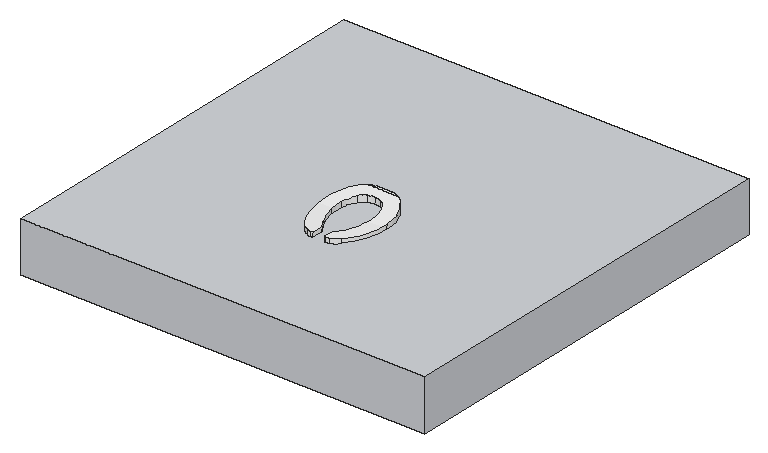
Revit family
Parameters (values of type "Plastic-0-White")
  Width = 1' - 3 1/8"
  URL = "http://www.us.kohler.com"
  Product Page URL = "http://www.us.kohler.com/onlinecatalog/detail.jsp?prod_num=4670-C"
  Product Documentation Link = "http://www.us.kohler.com/onlinecatalog/pdf/115726_4.pdf"
  Model = "K-4670-C"  # constant formula
  Manufacturer = "Kohler"  # constant formula
  Length = 1' - 7 5/8"
  Height = 0' - 2"
  Finish = Plastic-Kohler-0-White
  Description = "Lustra™ standard elongated toilet seat"  # constant formula
  Default Elevation = 0' - 0"
  Created By = "http://www.medialab3dstudio.com"
  Assembly Code = "D2010900"
Types (4): name | Finish
  (no name) | Plastic-Kohler-0-White
  Plastic-0-White | Plastic-Kohler-0-White
  Plastic-47-Almond | Plastic-Kohler-47-Almond
  Plastic-96-Biscuit | Plastic-Kohler-96-Biscuit
Reference planes (in)
  plane 1 "Back": y = 0
  plane 2 "Bottom": z = 0
  plane 3 "Center (Left/Right)": x = 0
  plane 4 "Left": x = -7.5625
  plane 5 "Right": x = 7.5625
  plane 6 "Front": y = -19.625
  plane 7 "Top": z = 2
Forms (in)
  Extrusion 1, solid
    sketch origin (0, 0, 0) x (1, 0, 0) y (0, 1, 0)
      loop
        line (-48, 48) -> (-48, -48) -> (48, -48) -> (48, 48) -> (-48, 48)
    from 0 to -12
  Extrusion 2, solid, material "Plastic-Kohler-0-White" <- "Finish", detail levels fine
    sketch origin (0, 0, 0) x (1, 0, 0) y (0, 1, 0)
      loop
        arc (-4.40063, -18.11461) -> (-3.61108, -18.92725) -> (-2.65205, -19.53058) r 4.76676
        arc (-2.65205, -19.53058) -> (-2.21198, -19.60361) -> (-1.7664, -19.625) r 3.83196
        arc (-1.7664, -19.625) -> (-1.54311, -19.55761) -> (-1.39073, -19.38104) r 0.41786
        arc (-1.39073, -19.38104) -> (-1.27823, -18.14663) -> (-1.29928, -16.90728) r 11.49739
        arc (-1.29928, -16.90728) -> (-3.02589, -13.97487) -> (-4.04977, -10.72957) r 15.05426
        arc (-4.04977, -10.72957) -> (-4.24119, -9.17289) -> (-4.21354, -7.60473) r 11.21306
        arc (-4.21354, -7.60473) -> (-3.8312, -5.88158) -> (-3.01647, -4.3158) r 6.7706
        arc (-3.01647, -4.3158) -> (-2.41761, -3.67338) -> (-1.66472, -3.22118) r 3.15122
        arc (-1.66472, -3.22118) -> (-0.84937, -2.96986) -> (0, -2.88905) r 4.18672
        arc (0, -2.88905) -> (0.84937, -2.96986) -> (1.66472, -3.22118) r 4.18672
        arc (1.66472, -3.22118) -> (2.41761, -3.67338) -> (3.01647, -4.3158) r 3.15122
        arc (3.01647, -4.3158) -> (3.8312, -5.88158) -> (4.21354, -7.60473) r 6.7706
        arc (4.21354, -7.60473) -> (4.24119, -9.17289) -> (4.04977, -10.72957) r 11.21306
        arc (4.04977, -10.72957) -> (3.02589, -13.97487) -> (1.29928, -16.90728) r 15.05426
        arc (1.29928, -16.90728) -> (1.27823, -18.14663) -> (1.39073, -19.38104) r 11.49739
        arc (1.39073, -19.38104) -> (1.54311, -19.55761) -> (1.7664, -19.625) r 0.41786
        arc (1.7664, -19.625) -> (2.21198, -19.60361) -> (2.65205, -19.53058) r 3.83196
        arc (2.65205, -19.53058) -> (3.61108, -18.92725) -> (4.40063, -18.11461) r 4.76676
        arc (4.40063, -18.11461) -> (6.75761, -13.67646) -> (7.5625, -8.71615) r 15.42076
        arc (7.5625, -8.71615) -> (6.79673, -4.32719) -> (4.04749, -0.82132) r 9.14228
        arc (4.04749, -0.82132) -> (2.98765, -0.27202) -> (1.80183, -0.13475) r 3.30729
        line (1.80183, -0.13475) -> (1.79289, 0) -> (-1.79289, 0) -> (-1.80183, -0.13475)
        arc (-1.80183, -0.13475) -> (-2.98765, -0.27202) -> (-4.04749, -0.82132) r 3.30729
        arc (-4.04749, -0.82132) -> (-6.79673, -4.32719) -> (-7.5625, -8.71615) r 9.14228
        arc (-7.5625, -8.71615) -> (-6.75761, -13.67646) -> (-4.40063, -18.11461) r 15.42076
    from 0 to 2
  Extrusion 3, void
    sketch origin (0, 0, 0) x (0, 1, 0) y (0, 0, 1)
      loop
        arc (-20.26329, 1.04577) -> (-10.09937, 0.91824) -> (0, 2.06904) r 80.72242
        line (0, 2.06904) -> (0, 2.65154) -> (-20.26329, 2.65154) -> (-20.26329, 1.04577)
    from -8.46548 to 8.25336
  Extrusion 4, void
    sketch origin (0, 0, 0) x (0, 1, 0) y (0, 0, 1)
      loop
        arc (-0.94079, 0.7489) -> (-3.49923, 0.12207) -> (-6.12615, -0.07238) r 15.84994
        line (-6.12615, -0.07238) -> (-6.12615, -0.57238) -> (-0.94079, -0.57238) -> (-0.94079, 0.7489)
    from -7.5625 to 7.5625
  Extrusion 5, solid, material "Plastic-Kohler-0-White" <- "Finish", detail levels coarse+medium
    sketch origin (0, 0, 0) x (1, 0, 0) y (0, 1, 0)
      loop
        line (-7.5625, 0) -> (-7.5625, -19.625) -> (7.5625, -19.625) -> (7.5625, 0) -> (-7.5625, 0)
    from 0 to 2
Cuts and joins
  Extrusion 3, Extrusion 4 cuts Extrusion 2
Lines and regions (in)
  Masking region 1, detail levels coarse
    outline origin (0, 0, 0) x (1, 0, 0) y (0, 1, 0)
      loop
        line (-7.5625, 0) -> (-7.5625, -19.625) -> (7.5625, -19.625) -> (7.5625, 0) -> (-7.5625, 0)
  Masking region 2, detail levels medium+fine
    outline origin (0, 0, 0) x (1, 0, 0) y (0, 1, 0)
      loop
        arc (-2.09621, -19.61974) -> (-1.7253, -19.56339) -> (-1.39211, -19.39096) r 1.15316
        arc (-1.39211, -19.39096) -> (-1.26431, -18.15265) -> (-1.29928, -16.90825) r 9.51491
        arc (-1.29928, -16.90825) -> (-1.39647, -16.72671) -> (-1.51703, -16.55977) r 1.53837
        arc (-1.51703, -16.55977) -> (-3.65483, -12.31779) -> (-4.21357, -7.60055) r 13.68354
        arc (-4.21357, -7.60055) -> (-3.78343, -5.87678) -> (-3.0361, -4.26498) r 9.38393
        arc (-3.0361, -4.26498) -> (-2.44107, -3.67342) -> (-1.72293, -3.23952) r 3.51944
        arc (-1.72293, -3.23952) -> (-0.88115, -2.96604) -> (0, -2.88267) r 4.0352
        arc (0, -2.88267) -> (0.88115, -2.96604) -> (1.72293, -3.23952) r 4.0352
        arc (1.72293, -3.23952) -> (2.44107, -3.67342) -> (3.0361, -4.26498) r 3.51944
        arc (3.0361, -4.26498) -> (3.78343, -5.87678) -> (4.21357, -7.60055) r 9.38393
        arc (4.21357, -7.60055) -> (3.65483, -12.31779) -> (1.51703, -16.55977) r 13.68354
        arc (1.51703, -16.55977) -> (1.39647, -16.72671) -> (1.29928, -16.90825) r 1.53837
        arc (1.29928, -16.90825) -> (1.26431, -18.15265) -> (1.39211, -19.39096) r 9.51491
        arc (1.39211, -19.39096) -> (1.7253, -19.56339) -> (2.09621, -19.61974) r 1.15316
        arc (2.09621, -19.61974) -> (2.81076, -19.48592) -> (3.43793, -19.11832) r 2.11755
        arc (3.43793, -19.11832) -> (6.52996, -14.32563) -> (7.5625, -8.71632) r 14.68324
        arc (7.5625, -8.71632) -> (6.7788, -4.33518) -> (4.04738, -0.82122) r 9.29083
        arc (4.04738, -0.82122) -> (3.30308, -0.38031) -> (2.46889, -0.15119) r 3.25272
        arc (2.46889, -0.15119) -> (2.21269, -0.04066) -> (1.95302, -0.1428) r 0.36603
        line (1.95302, -0.1428) -> (1.77971, -0.1428) -> (1.77971, 0) -> (-1.79351, 0) -> (-1.79351, -0.1428) -> (-1.95302, -0.1428)
        arc (-1.95302, -0.1428) -> (-2.21269, -0.04066) -> (-2.46889, -0.15119) r 0.36603
        arc (-2.46889, -0.15119) -> (-3.30308, -0.38031) -> (-4.04738, -0.82122) r 3.25272
        arc (-4.04738, -0.82122) -> (-6.7788, -4.33518) -> (-7.5625, -8.71632) r 9.29083
        arc (-7.5625, -8.71632) -> (-6.52996, -14.32563) -> (-3.43793, -19.11832) r 14.68324
        arc (-3.43793, -19.11832) -> (-2.81076, -19.48592) -> (-2.09621, -19.61974) r 2.11755
  Masking region 3, detail levels coarse
    outline origin (0, 0, 0) x (1, 0, 0) y (0, 0, 1)
      loop
        line (-7.5625, 2) -> (-7.5625, 0) -> (7.5625, 0) -> (7.5625, 2) -> (-7.5625, 2)
  Masking region 4, detail levels medium+fine
    outline origin (0, 0, 0) x (1, 0, 0) y (0, 0, 1)
      loop
        line (-7.5625, 0) -> (-2.14949, 0)
        arc (-2.14949, 0) -> (-1.7367, 0.01494) -> (-1.32606, 0.05968) r 5.71072
        arc (-1.32606, 0.05968) -> (-1.29861, 0.06921) -> (-1.27662, 0.08822) r 0.07717
        line (-1.27662, 0.08822) -> (-1.27662, 0.21659)
        arc (-1.27662, 0.21659) -> (-0.63853, 0.24086) -> (0, 0.24508) r 20.33156
        arc (0, 0.24508) -> (0.63853, 0.24086) -> (1.27662, 0.21659) r 20.33156
        line (1.27662, 0.21659) -> (1.27662, 0.08822)
        arc (1.27662, 0.08822) -> (1.29861, 0.06921) -> (1.32606, 0.05968) r 0.07717
        arc (1.32606, 0.05968) -> (1.7367, 0.01494) -> (2.14949, 0) r 5.71072
        line (2.14949, 0) -> (7.5625, 0) -> (7.5625, 1.01293)
        arc (7.5625, 1.01293) -> (6.72847, 1.1558) -> (5.90166, 1.33577) r 18.94105
        arc (5.90166, 1.33577) -> (4.50449, 1.6892) -> (3.08638, 1.94609) r 21.0255
        arc (3.08638, 1.94609) -> (2.34339, 1.99884) -> (1.59852, 2) r 10.74767
        line (1.59852, 2) -> (0, 2) -> (-1.59852, 2)
        arc (-1.59852, 2) -> (-2.34339, 1.99884) -> (-3.08638, 1.94609) r 10.74767
        arc (-3.08638, 1.94609) -> (-4.50449, 1.6892) -> (-5.90166, 1.33577) r 21.0255
        arc (-5.90166, 1.33577) -> (-6.72847, 1.1558) -> (-7.5625, 1.01293) r 18.94105
        line (-7.5625, 1.01293) -> (-7.5625, 0)
  Masking region 5, detail levels coarse
    outline origin (0, 0, 0) x (0, 1, 0) y (0, 0, 1)
      loop
        line (0, 2) -> (-19.625, 2) -> (-19.625, 0) -> (0, 0) -> (0, 2)
  Masking region 6, detail levels medium+fine
    outline origin (0, 0, 0) x (0, 1, 0) y (0, 0, 1)
      loop
        line (0.001, 0.46648) -> (-0.33502, 1.97684)
        arc (-0.33502, 1.97684) -> (-0.3656, 1.99654) -> (-0.40181, 2) r 0.07694
        arc (-0.40181, 2) -> (-3.00308, 1.33771) -> (-5.674, 1.07037) r 17.96649
        arc (-5.674, 1.07037) -> (-9.5535, 1.00615) -> (-13.43039, 0.85015) r 163.96108
        arc (-13.43039, 0.85015) -> (-16.24625, 0.75986) -> (-19.05794, 0.93755) r 29.61537
        line (-19.05794, 0.93755) -> (-19.54586, 1.00613)
        arc (-19.54586, 1.00613) -> (-19.59568, 0.99463) -> (-19.625, 0.95275) r 0.07133
        line (-19.625, 0.95275) -> (-19.625, 0.24305)
        arc (-19.625, 0.24305) -> (-19.5735, 0.1979) -> (-19.50581, 0.18747) r 0.12246
        arc (-19.50581, 0.18747) -> (-17.98413, 0.08824) -> (-16.46068, 0.02138) r 71.742
        arc (-16.46068, 0.02138) -> (-10.66872, -0.00023) -> (-4.87676, 0.02138) r 776.29557
        arc (-4.87676, 0.02138) -> (-2.86625, 0.20311) -> (-0.92395, 0.75328) r 10.87563
        line (-0.92395, 0.75328) -> (-0.79218, 0.22479)
        arc (-0.79218, 0.22479) -> (-0.81359, 0.11333) -> (-0.81978, 0) r 0.84068
        line (-0.81978, 0) -> (-0.03819, 0)
        arc (-0.03819, 0) -> (-0.05428, 0.22116) -> (-0.09978, 0.4382) r 1.65604
        line (-0.09978, 0.4382) -> (0.001, 0.46648)
  symbolic lines, style "Masking Lines", detail levels fine
    curve 1: line (-2.46889, -0.15119, 0) -> (-1.95302, -0.1428, 0)
    curve 2: line (2.46889, -0.15119, 0) -> (1.95302, -0.1428, 0)
    curve 3: arc (-7.5625, -19.625, 1.00819) -> (-6.8657, -19.625, 0.87539) -> (-6.16197, -19.625, 0.78637) r 11.35458
    curve 4: arc (-6.16197, -19.625, 0.78637) -> (-5.26087, -19.625, 0.77105) -> (-4.36164, -19.625, 0.8311) r 10.77383
    curve 5: arc (-4.36164, -19.625, 0.8311) -> (-3.50523, -19.625, 0.92824) -> (-2.64634, -19.625, 1.00016) r 29.29757
    curve 6: line (-2.64634, -19.625, 1.00016) -> (-2.09562, -19.625, 1.00016)
    curve 7: arc (-2.09562, -19.625, 1.00016) -> (-1.81181, -19.625, 0.98194) -> (-1.53266, -19.625, 0.92757) r 2.21954
    curve 8: arc (-1.53266, -19.625, 0.92757) -> (-1.34774, -19.625, 0.80356) -> (-1.2795, -19.625, 0.59162) r 0.33931
    curve 9: line (-1.2795, -19.625, 0.59162) -> (-1.2795, -19.625, 0.21731)
    curve 10: arc (-1.62955, -19.625, 0.95067) -> (-0.01368, -19.625, 1.03064) -> (1.60188, -19.625, 0.94454) r 15.76204
    curve 11: arc (7.5625, -19.625, 1.00819) -> (6.8657, -19.625, 0.87539) -> (6.16197, -19.625, 0.78637) r 11.35458
    curve 12: arc (6.16197, -19.625, 0.78637) -> (5.26087, -19.625, 0.77105) -> (4.36164, -19.625, 0.8311) r 10.77383
    curve 13: arc (4.36164, -19.625, 0.8311) -> (3.50523, -19.625, 0.92824) -> (2.64634, -19.625, 1.00016) r 29.29757
    curve 14: line (2.64634, -19.625, 1.00016) -> (2.09562, -19.625, 1.00016)
    curve 15: arc (2.09562, -19.625, 1.00016) -> (1.81181, -19.625, 0.98194) -> (1.53266, -19.625, 0.92757) r 2.21954
    curve 16: arc (1.53266, -19.625, 0.92757) -> (1.34774, -19.625, 0.80356) -> (1.2795, -19.625, 0.59162) r 0.33931
    curve 17: line (1.2795, -19.625, 0.59162) -> (1.2795, -19.625, 0.21731)
    curve 18: arc (0, -0.14305, 1.11526) -> (0, -4.75597, 0.17796) -> (0, -9.45979, 0) r 28.97322
    curve 19: arc (0, -0.79037, 0.2319) -> (0, -0.71641, 0.47077) -> (0, -0.65255, 0.71253) r 5.94902
    curve 20: arc (0, -0.65255, 0.71253) -> (0, -0.54849, 0.84906) -> (0, -0.38649, 0.90583) r 0.29892
    curve 21: arc (0, -0.38649, 0.90583) -> (0, -0.26268, 0.8699) -> (0, -0.18657, 0.76585) r 0.19988
    curve 22: arc (0, -0.18657, 0.76585) -> (0, -0.15239, 0.59955) -> (0, -0.10449, 0.43667) r 2.03908
    curve 23: line (1.27662, 0, 0.21659) -> (7.5625, 0, 0)
    curve 24: line (-1.27662, 0, 0.21659) -> (-7.58712, 0, 0)
Dimensions and locks (in)
  equal spacing: plane 4 "Left", plane 3 "Center (Left/Right)", plane 5 "Right"
  "Width": plane 4 "Left" to plane 5 "Right"
  "Length": plane 1 "Back" to plane 6 "Front"
  "Height": plane 7 "Top" to plane 2 "Bottom"
  aligned and locked: plane 2 "Bottom" to Extrusion 1
  aligned and locked: level to Extrusion 1
  aligned and locked: Extrusion 5 to plane 2 "Bottom"
  aligned and locked: Extrusion 5 to plane 7 "Top"
Automatic sketch dimensions
  Extrusion 1 sketch curve to Extrusion 1 sketch curve = 8' - 0"  (x2)
  Extrusion 2 sketch curve to plane 4 "Left" = 0' - 0"
  plane 1 "Back" to Extrusion 2 sketch curve = 0' - 0"
  Extrusion 2 sketch curve to plane 6 "Front" = 0' - 0"  (x4)
  Extrusion 2 sketch curve to plane 3 "Center (Left/Right)" = 0' - 0"
  Extrusion 2 sketch curve to plane 5 "Right" = 0' - 0"
  Extrusion 2 sketch curve to plane 4 "Left" = 0' - 0.2957"
  Extrusion 2 sketch curve to Extrusion 2 sketch curve = 0' - 2.86865"  (x2)
  plane 6 "Front" to Extrusion 2 sketch curve = 0' - 1.90314"
  Extrusion 2 sketch curve to plane 4 "Left" = 0' - 5.20528"
  plane 4 "Left" to Extrusion 2 sketch curve = 0' - 0.606"
  plane 6 "Front" to Extrusion 2 sketch curve = 0' - 1.51039"  (x2)
  Extrusion 2 sketch curve to plane 3 "Center (Left/Right)" = 0' - 4.40063"
  Extrusion 2 sketch curve to Extrusion 2 sketch curve = 0' - 0"  (x11)
  Extrusion 2 sketch curve to Extrusion 2 sketch curve = 0' - 2.74296"
  Extrusion 2 sketch curve to Extrusion 2 sketch curve = 0' - 0.16377"
  plane 1 "Back" to Extrusion 2 sketch curve = 0' - 0.82132"  (x2)
  plane 4 "Left" to Extrusion 2 sketch curve = 0' - 3.51501"
  Extrusion 2 sketch curve to plane 3 "Center (Left/Right)" = 0' - 3.01647"
  plane 6 "Front" to Extrusion 2 sketch curve = 0' - 0.09442"  (x2)
  Extrusion 2 sketch curve to Extrusion 2 sketch curve = 0' - 1.74858"  (x2)
  Extrusion 2 sketch curve to Extrusion 2 sketch curve = 0' - 1.68245"  (x2)
  Extrusion 2 sketch curve to Extrusion 2 sketch curve = 0' - 0.99578"  (x2)
  Extrusion 2 sketch curve to plane 3 "Center (Left/Right)" = 0' - 1.80577"
  plane 1 "Back" to Extrusion 2 sketch curve = 0' - 0.13475"  (x2)
  Extrusion 2 sketch curve to plane 3 "Center (Left/Right)" = 0' - 1.80183"
  Extrusion 2 sketch curve to Extrusion 2 sketch curve = 0' - 0.00894"  (x2)
  plane 6 "Front" to Extrusion 2 sketch curve = 0' - 0.41783"  (x2)
  Extrusion 2 sketch curve to Extrusion 2 sketch curve = 0' - 0.88136"
  Extrusion 2 sketch curve to Extrusion 2 sketch curve = 0' - 0.35597"  (x2)
  Extrusion 2 sketch curve to Extrusion 2 sketch curve = 0' - 0.97592"  (x2)
  plane 6 "Front" to Extrusion 2 sketch curve = 0' - 0.24396"  (x2)
  Extrusion 2 sketch curve to Extrusion 2 sketch curve = 0' - 0.5065"  (x2)
  Extrusion 2 sketch curve to plane 3 "Center (Left/Right)" = 0' - 0.61127"
  Extrusion 2 sketch curve to plane 3 "Center (Left/Right)" = 0' - 0.43448"
  Extrusion 2 sketch curve to plane 3 "Center (Left/Right)" = 0' - 0.03023"
  plane 3 "Center (Left/Right)" to Extrusion 2 sketch curve = 0' - 0.03023"
  plane 3 "Center (Left/Right)" to Extrusion 2 sketch curve = 0' - 0.43448"
  plane 3 "Center (Left/Right)" to Extrusion 2 sketch curve = 0' - 0.61127"
  plane 3 "Center (Left/Right)" to Extrusion 2 sketch curve = 0' - 1.29928"
  plane 3 "Center (Left/Right)" to Extrusion 2 sketch curve = 0' - 1.39073"
  Extrusion 2 sketch curve to Extrusion 2 sketch curve = 0' - 1.52494"
  plane 3 "Center (Left/Right)" to Extrusion 2 sketch curve = 0' - 1.66472"
  Extrusion 2 sketch curve to Extrusion 2 sketch curve = 0' - 0.37567"
  plane 3 "Center (Left/Right)" to Extrusion 2 sketch curve = 0' - 1.79289"
  Extrusion 2 sketch curve to Extrusion 2 sketch curve = 0' - 2.24567"
  Extrusion 2 sketch curve to Extrusion 2 sketch curve = 0' - 1.51868"
  Extrusion 2 sketch curve to plane 5 "Right" = 0' - 0.606"
  plane 5 "Right" to Extrusion 2 sketch curve = 0' - 5.20528"
  Extrusion 2 sketch curve to Extrusion 2 sketch curve = 0' - 0.39276"
  Extrusion 2 sketch curve to Extrusion 2 sketch curve = 0' - 2.68388"
  plane 1 "Back" to Extrusion 3 sketch curve = 0' - 0"
  plane 6 "Front" to Extrusion 3 sketch curve = 0' - 5.45442"
  Extrusion 3 sketch curve to plane 6 "Front" = 0' - 0.63829"
  plane 7 "Top" to Extrusion 3 sketch curve = 0' - 0.95423"
  Extrusion 3 sketch curve to plane 7 "Top" = 0' - 0.06904"
  Extrusion 3 sketch curve to plane 7 "Top" = 0' - 0.65154"
  Extrusion 4 sketch curve to level = 0' - 0.57238"
  plane 1 "Back" to Extrusion 4 sketch curve = 0' - 6.12615"
  plane 1 "Back" to Extrusion 4 sketch curve = 0' - 5.97871"
  plane 1 "Back" to Extrusion 4 sketch curve = 0' - 0.94079"
  Extrusion 4 sketch curve to level = 0' - 0.07238"
  level to Extrusion 4 sketch curve = 0' - 0.7489"
  Masking region 1 sketch curve to plane 4 "Left" = 0' - 0"
  Masking region 1 sketch curve to plane 5 "Right" = 0' - 0"
  Masking region 1 sketch curve to plane 6 "Front" = 0' - 0"
  plane 1 "Back" to Masking region 1 sketch curve = 0' - 0"
  Masking region 2 sketch curve to plane 4 "Left" = 0' - 0"
  plane 1 "Back" to Masking region 2 sketch curve = 0' - 0"
  Masking region 2 sketch curve to plane 3 "Center (Left/Right)" = 0' - 0"
  Masking region 2 sketch curve to plane 5 "Right" = 0' - 0"
  Masking region 2 sketch curve to plane 4 "Left" = 0' - 1.88558"
  plane 6 "Front" to Masking region 2 sketch curve = 0' - 1.82788"  (x2)
  Masking region 2 sketch curve to plane 4 "Left" = 0' - 3.21008"
  plane 4 "Left" to Masking region 2 sketch curve = 0' - 0.44309"
  Masking region 2 sketch curve to Masking region 2 sketch curve = 0' - 2.05406"
  Masking region 2 sketch curve to Masking region 2 sketch curve = 0' - 0.85178"  (x2)
  plane 1 "Back" to Masking region 2 sketch curve = 0' - 0.82122"
  plane 4 "Left" to Masking region 2 sketch curve = 0' - 3.51512"
  Masking region 2 sketch curve to Masking region 2 sketch curve = 0' - 0"  (x6)
  plane 6 "Front" to Masking region 2 sketch curve = 0' - 0.50668"  (x2)
  Masking region 2 sketch curve to plane 3 "Center (Left/Right)" = 0' - 3.43793"
  Masking region 2 sketch curve to plane 3 "Center (Left/Right)" = 0' - 3.0361"
  Masking region 2 sketch curve to Masking region 2 sketch curve = 0' - 0.73686"
  plane 1 "Back" to Masking region 2 sketch curve = 0' - 0.15119"  (x2)
  Masking region 2 sketch curve to Masking region 2 sketch curve = 0' - 1.57849"  (x2)
  Masking region 2 sketch curve to Masking region 2 sketch curve = 0' - 0.26216"  (x2)
  plane 6 "Front" to Masking region 2 sketch curve = 0' - 0.00526"  (x2)
  Masking region 2 sketch curve to Masking region 2 sketch curve = 0' - 1.34172"
  Masking region 2 sketch curve to Masking region 2 sketch curve = 0' - 0.61942"
  Masking region 2 sketch curve to Masking region 2 sketch curve = 0' - 0.6316"  (x2)
  Masking region 2 sketch curve to Masking region 2 sketch curve = 0' - 1.00396"  (x2)
  plane 1 "Back" to Masking region 2 sketch curve = 0' - 0.1428"
  Masking region 2 sketch curve to Masking region 2 sketch curve = 0' - 0.25371"  (x2)
  Masking region 2 sketch curve to Masking region 2 sketch curve = 0' - 0.15952"
  Masking region 2 sketch curve to Masking region 2 sketch curve = 0' - 0.30921"  (x2)
  Masking region 2 sketch curve to plane 3 "Center (Left/Right)" = 0' - 1.70879"
  Masking region 2 sketch curve to Masking region 2 sketch curve = 0' - 0.55244"
  plane 6 "Front" to Masking region 2 sketch curve = 0' - 0.23404"  (x2)
  Masking region 2 sketch curve to Masking region 2 sketch curve = 0' - 0.21775"  (x2)
  Masking region 2 sketch curve to plane 3 "Center (Left/Right)" = 0' - 0.27495"
  Masking region 2 sketch curve to plane 3 "Center (Left/Right)" = 0' - 0.06276"
  plane 3 "Center (Left/Right)" to Masking region 2 sketch curve = 0' - 0.06276"
  plane 3 "Center (Left/Right)" to Masking region 2 sketch curve = 0' - 0.27495"
  plane 3 "Center (Left/Right)" to Masking region 2 sketch curve = 0' - 1.29928"
  plane 3 "Center (Left/Right)" to Masking region 2 sketch curve = 0' - 1.39211"
  Masking region 2 sketch curve to Masking region 2 sketch curve = 0' - 1.64603"
  plane 3 "Center (Left/Right)" to Masking region 2 sketch curve = 0' - 1.72293"
  plane 3 "Center (Left/Right)" to Masking region 2 sketch curve = 0' - 1.77971"
  Masking region 2 sketch curve to Masking region 2 sketch curve = 0' - 0.17331"
  Masking region 2 sketch curve to Masking region 2 sketch curve = 0' - 0.77019"
  Masking region 2 sketch curve to Masking region 2 sketch curve = 0' - 0.01218"
  Masking region 2 sketch curve to Masking region 2 sketch curve = 0' - 0.7041"
  Masking region 2 sketch curve to Masking region 2 sketch curve = 0' - 2.50478"
  Masking region 2 sketch curve to plane 5 "Right" = 0' - 0.44309"
  plane 5 "Right" to Masking region 2 sketch curve = 0' - 1.88558"
  plane 5 "Right" to Masking region 2 sketch curve = 0' - 3.21008"
  Masking region 2 sketch curve to Masking region 2 sketch curve = 0' - 0.03955"  (x2)
  Masking region 2 sketch curve to Masking region 2 sketch curve = 0' - 0.08701"
  Masking region 2 sketch curve to Masking region 2 sketch curve = 0' - 0.28411"
  Masking region 2 sketch curve to Masking region 2 sketch curve = 0' - 0.19711"
  Masking region 2 sketch curve to Masking region 2 sketch curve = 0' - 0.34223"  (x2)
  Masking region 2 sketch curve to Masking region 2 sketch curve = 0' - 1.19672"
  Masking region 2 sketch curve to Masking region 2 sketch curve = 0' - 0.25545"
  plane 1 "Back" to curve 1 = 0' - 0.15119"
  curve 1 to plane 3 "Center (Left/Right)" = 0' - 2.46889"
  plane 1 "Back" to curve 1 = 0' - 0.1428"
  curve 1 to curve 1 = 0' - 0.51586"
  plane 1 "Back" to curve 2 = 0' - 0.1428"
  plane 3 "Center (Left/Right)" to curve 2 = 0' - 1.95302"
  plane 1 "Back" to curve 2 = 0' - 0.15119"
  curve 2 to curve 2 = 0' - 0.51586"
  Masking region 3 sketch curve to level = 0' - 0"
  Masking region 3 sketch curve to plane 4 "Left" = 0' - 0"
  Masking region 3 sketch curve to plane 5 "Right" = 0' - 0"
  Masking region 3 sketch curve to plane 7 "Top" = 0' - 0"
  Masking region 4 sketch curve to plane 4 "Left" = 0' - 0"
  Masking region 4 sketch curve to level = 0' - 0"  (x2)
  Masking region 4 sketch curve to plane 7 "Top" = 0' - 0"
  Masking region 4 sketch curve to plane 3 "Center (Left/Right)" = 0' - 0"  (x2)
  Masking region 4 sketch curve to plane 5 "Right" = 0' - 0"
  Masking region 4 sketch curve to plane 4 "Left" = 0' - 2.7801"
  plane 4 "Left" to Masking region 4 sketch curve = 0' - 1.66084"
  Masking region 4 sketch curve to Masking region 4 sketch curve = 0' - 2.81528"
  Masking region 4 sketch curve to plane 3 "Center (Left/Right)" = 0' - 2.14949"
  Masking region 4 sketch curve to plane 3 "Center (Left/Right)" = 0' - 1.95421"
  Masking region 4 sketch curve to Masking region 4 sketch curve = 0' - 1.48786"  (x2)
  level to Masking region 4 sketch curve = 0' - 0.13604"
  Masking region 4 sketch curve to Masking region 4 sketch curve = 0' - 0.8123"
  level to Masking region 4 sketch curve = 0' - 0.05968"  (x2)
  Masking region 4 sketch curve to Masking region 4 sketch curve = 0' - 0"  (x5)
  Masking region 4 sketch curve to Masking region 4 sketch curve = 0' - 0.06057"
  Masking region 4 sketch curve to plane 3 "Center (Left/Right)" = 0' - 0.1849"
  Masking region 4 sketch curve to plane 3 "Center (Left/Right)" = 0' - 0.04986"
  plane 3 "Center (Left/Right)" to Masking region 4 sketch curve = 0' - 0.04986"
  plane 3 "Center (Left/Right)" to Masking region 4 sketch curve = 0' - 0.1849"
  level to Masking region 4 sketch curve = 0' - 0.21659"
  plane 3 "Center (Left/Right)" to Masking region 4 sketch curve = 0' - 1.27662"
  Masking region 4 sketch curve to Masking region 4 sketch curve = 0' - 0.04944"
  Masking region 4 sketch curve to Masking region 4 sketch curve = 0' - 0.01113"
  plane 3 "Center (Left/Right)" to Masking region 4 sketch curve = 0' - 1.59852"
  plane 3 "Center (Left/Right)" to Masking region 4 sketch curve = 0' - 1.95421"
  plane 3 "Center (Left/Right)" to Masking region 4 sketch curve = 0' - 2.14949"
  plane 7 "Top" to Masking region 4 sketch curve = 0' - 0.05391"
  plane 7 "Top" to Masking region 4 sketch curve = 0' - 0.66423"
  Masking region 4 sketch curve to Masking region 4 sketch curve = 0' - 1.66084"
  plane 5 "Right" to Masking region 4 sketch curve = 0' - 2.7801"
  Masking region 4 sketch curve to Masking region 4 sketch curve = 0' - 1.22664"
  Masking region 4 sketch curve to Masking region 4 sketch curve = 0' - 1.01293"  (x2)
  Masking region 5 sketch curve to plane 6 "Front" = 0' - 0"
  Masking region 5 sketch curve to level = 0' - 0"
  Masking region 5 sketch curve to plane 1 "Back" = 0' - 0"
  plane 7 "Top" to Masking region 5 sketch curve = 0' - 0"
  Masking region 6 sketch curve to plane 6 "Front" = 0' - 0"
  Masking region 6 sketch curve to level = 0' - 0"
  plane 7 "Top" to Masking region 6 sketch curve = 0' - 0"
  Masking region 6 sketch curve to plane 1 "Back" = 0' - 0.001"
  plane 6 "Front" to Masking region 6 sketch curve = 0' - 0.06921"
  Masking region 6 sketch curve to Masking region 6 sketch curve = 0' - 0.00993"
  plane 6 "Front" to Masking region 6 sketch curve = 0' - 0.10326"
  plane 6 "Front" to Masking region 6 sketch curve = 0' - 0.11919"
  Masking region 6 sketch curve to Masking region 6 sketch curve = 0' - 0.48792"
  level to Masking region 6 sketch curve = 0' - 0.02138"  (x2)
  Masking region 6 sketch curve to Masking region 6 sketch curve = 0' - 2.59726"
  plane 6 "Front" to Masking region 6 sketch curve = 0' - 3.83866"
  plane 6 "Front" to Masking region 6 sketch curve = 0' - 5.54808"
  Masking region 6 sketch curve to Masking region 6 sketch curve = 0' - 3.03029"
  plane 6 "Front" to Masking region 6 sketch curve = 0' - 8.95628"
  plane 1 "Back" to Masking region 6 sketch curve = 0' - 6.12293"
  plane 1 "Back" to Masking region 6 sketch curve = 0' - 5.674"
  plane 1 "Back" to Masking region 6 sketch curve = 0' - 4.90019"
  plane 1 "Back" to Masking region 6 sketch curve = 0' - 4.84632"
  Masking region 6 sketch curve to level = 0' - 0.00931"
  plane 1 "Back" to Masking region 6 sketch curve = 0' - 1.69421"
  level to Masking region 6 sketch curve = 0' - 0.75328"
  plane 1 "Back" to Masking region 6 sketch curve = 0' - 0.92395"
  Masking region 6 sketch curve to Masking region 6 sketch curve = 0' - 0.10417"
  Masking region 6 sketch curve to Masking region 6 sketch curve = 0' - 0.0276"
  plane 1 "Back" to Masking region 6 sketch curve = 0' - 0.40181"
  Masking region 6 sketch curve to Masking region 6 sketch curve = 0' - 0.011"
  plane 7 "Top" to Masking region 6 sketch curve = 0' - 0.02316"
  Masking region 6 sketch curve to Masking region 6 sketch curve = 0' - 0.06679"
  plane 1 "Back" to Masking region 6 sketch curve = 0' - 0.09978"
  plane 1 "Back" to Masking region 6 sketch curve = 0' - 0.03819"
  Masking region 6 sketch curve to plane 1 "Back" = 0' - 0.02082"
  Masking region 6 sketch curve to level = 13' - 6.88888"
  level to Masking region 6 sketch curve = 0' - 0.01088"
  level to Masking region 6 sketch curve = 0' - 0.18747"
  Masking region 6 sketch curve to Masking region 6 sketch curve = 0' - 0.05558"
  Masking region 6 sketch curve to Masking region 6 sketch curve = 0' - 0.02828"
  level to Masking region 6 sketch curve = 0' - 0.85015"
  Masking region 6 sketch curve to Masking region 6 sketch curve = 0' - 0.6266"
  Masking region 6 sketch curve to Masking region 6 sketch curve = 0' - 0.00206"
  Masking region 6 sketch curve to Masking region 6 sketch curve = 0' - 0.01726"
  Masking region 6 sketch curve to Masking region 6 sketch curve = 58' - 8.57158"
  curve 18 to level = 0' - 0"
  plane 1 "Back" to curve 18 = 0' - 8.19961"
  curve 19 to plane 7 "Top" = 0' - 0.11054"
  curve 18 to curve 19 = 0' - 3.02482"
  level to curve 19 = 0' - 0.2319"
  plane 1 "Back" to curve 19 = 0' - 0.79037"
  curve 19 to curve 20 = 0' - 0.13782"
  curve 20 to curve 20 = 0' - 0.26606"
  curve 21 to curve 20 = 0' - 0"
  curve 21 to curve 21 = 0' - 0.00916"
  curve 21 to curve 20 = 0' - 0.00454"
  plane 1 "Back" to curve 21 = 0' - 0.18657"
  plane 1 "Back" to curve 18 = 0' - 0.14305"
  plane 1 "Back" to curve 22 = 0' - 0.10449"
  plane 7 "Top" to curve 22 = 0' - 0.90715"
  curve 22 to plane 1 "Back" = 0' - 1.82612"
  level to curve 22 = 0' - 0.43667"
  curve 20 to curve 22 = 0' - 0.15862"
  curve 20 to curve 18 = 0' - 0.20942"
  Extrusion 5 sketch curve to plane 4 "Left" = 0' - 0"
  Extrusion 5 sketch curve to plane 5 "Right" = 0' - 0"
  Extrusion 5 sketch curve to plane 6 "Front" = 0' - 0"
  plane 1 "Back" to Extrusion 5 sketch curve = 0' - 0"
  curve 11 to plane 5 "Right" = 0' - 0"
  curve 11 to plane 5 "Right" = 0' - 1.40053"
  curve 12 to plane 5 "Right" = 0' - 2.03402"
  curve 12 to curve 11 = 0' - 0.43903"
  level to curve 13 = 0' - 0.8311"
  curve 13 to curve 14 = 0' - 1.71531"
  curve 13 to curve 14 = 0' - 0.55072"
  curve 15 to curve 16 = 0' - 0.4769"
  curve 16 to curve 16 = 0' - 0.08606"
  level to curve 17 = 0' - 0.21731"
  curve 16 to curve 17 = 0' - 0.33923"
  plane 3 "Center (Left/Right)" to curve 13 = 0' - 0.63163"
  curve 17 to curve 17 = 0' - 0.3743"
  curve 17 to curve 16 = 0' - 0.00774"
  level to curve 12 = 0' - 0.78637"
  curve 15 to curve 16 = 0' - 0"
  level to curve 11 = 0' - 1.00819"
  curve 10 to curve 16 = 0' - 0.06922"
  curve 10 to plane 3 "Center (Left/Right)" = 0' - 0.04356"
  curve 10 to plane 3 "Center (Left/Right)" = 0' - 1.62955"
  curve 3 to plane 4 "Left" = 0' - 0"
  curve 5 to plane 3 "Center (Left/Right)" = 0' - 0.63163"
  curve 9 to curve 10 = 0' - 0.35005"
  curve 7 to curve 10 = 0' - 0.09689"
  curve 7 to curve 8 = 0' - 0.08606"
  curve 9 to curve 7 = 0' - 0.81612"
  curve 7 to curve 5 = 0' - 0.55072"
  level to curve 5 = 0' - 0.8311"
  curve 5 to curve 5 = 0' - 1.71531"
  plane 4 "Left" to curve 3 = 0' - 2.47305"
  curve 3 to curve 4 = 0' - 0.43903"
  level to curve 3 = 0' - 0.78637"
  plane 4 "Left" to curve 3 = 0' - 1.40053"
  curve 5 to curve 13 = 0' - 0"
  level to curve 9 = 0' - 0.21731"
  curve 9 to curve 9 = 0' - 0.3743"
  curve 9 to curve 8 = 0' - 0.00774"
  curve 7 to curve 8 = 0' - 0"
  level to curve 3 = 0' - 1.00819"
  curve 24 to level = 0' - 0"
  curve 23 to level = 0' - 0"
  curve 23 to plane 5 "Right" = 0' - 0"
  level to curve 23 = 0' - 0.21659"
  plane 3 "Center (Left/Right)" to curve 23 = 0' - 1.27662"
  level to curve 24 = 0' - 0.21659"
  curve 24 to plane 3 "Center (Left/Right)" = 0' - 1.27662"
  curve 24 to plane 4 "Left" = 0' - 0.02462"
